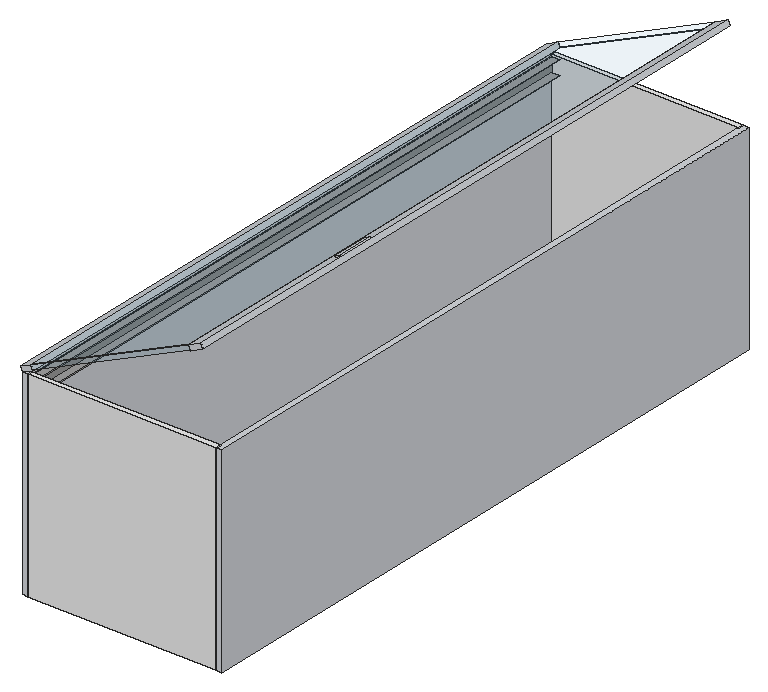
Revit family "Domotics-NetworkCabling-GEWISS-CABINETS_FLOOR-MOUNTED_19_42U_D600", category Apparecchi elettrici, host Superficie, Revit 2019
Family settings
  Host = Superficie
  Mantenere orientamento annotazione = Sì
  Quota connettore circolare = Usa diametro
  Tipo di parte = Normale
  Numero OmniClass = 23.80.30.00
  Titolo OmniClass = Distribution Devices
  Taglio con vuoti quando caricato = No
  Condiviso = No
  Punto di calcolo locali = Sì
Parameters (values of type "GW38453 - FLOOR RACK CABINET 19 42U 600x600MM")
  simbolo in pianta [instance] = yes
  n_poli = 1
  barra din = yes
  Visibilità sportello [instance] = yes
  Version file RFA = "21.2"
  URL = "https://www.gewiss.com/ww/en"
  Type of door = "Reversible"
  Technical sheet = "https://www.gewiss.com/ww/en/search?q=GW38453"
  Static load capacity = "1000KG"
  SEO = "Cabinet"
  Realized by GEWISS S.p.A. = ""
  Prospetto di default = 900 mm
  Produttore = "GEWISS S.p.A."
  Outer dim. LxHxD (mm) = "600x1985x600"
  Nome quadro [instance] = "n.quadro"
  No. uprights = "2"
  Modello = "GW38453"
  Material = "Steel"
  Immagine tipo = C.jpg
  IP degree = "IP20"
  IDT = "2c3537e4062d42a8957edef7e9daf840"
  IDF = "d495ead9-85e5-4beb-ac03-2a5ee0f4b977"
  Finishing = "Textured"
  Electrocod = "3752"
  Door opening = "135°"
  Distanza_x [instance] = 300 mm
  Distanza simbolo [instance] = 0 mm
  Distanza effettiva x [instance] = 1000 mm - Distanza_x  # 700 mm
  Descrizione = "FLOOR RACK CABINET 19 42U 600x600MM"
  Depth (mm) = "600 mm"
  Colour = "Grey (RAL 7035)"
  Category = "19” floor-standing cabinet"
  Catalogue = "DOMOTICS"
  Cabling unity = "42U"
  COBie.Tagnumber = ""
  COBie.CreatedOn = ""
  COBie.CreatebBy = ""
  COBie.ComponentRegisterItemID = ""
  COBie.Component.TagNumber = ""
  COBie.Component.Space = ""
  COBie.Component.SerialNumber = ""
  COBie.Component.InstallationDate = ""
  COBie.Component.Description = ""
  COBie.Component.BarCode = ""
  Apertura [instance] = 25.00°
Reference planes
  plane 1 "Centro (Fronte/Retro)": y = 0
  plane 2: z = 0
  plane 3 "Centro (Sinistra/Destra)": x = 0
  plane 4: x = -1380.34
  plane 5: x = -680.34
Forms (mm)
  Extrusion 1, solid, detail levels coarse
    sketch origin (0, 0, 0) x (1, 0, 0) y (0, 1, 0)
      loop
        line (583.5, 0) -> (583.5, 1985) -> (-16.5, 1985) -> (-16.5, 0) -> (583.5, 0)
    from 0 to 600
Dimensions and locks
  plane 4 to plane 3 "Centro (Sinistra/Destra)" = 1380.34 mm
  "Distanza effettiva x": plane 4 to plane 5
  aligned and locked: host face to plane 2
  aligned and locked: host face to level
  aligned and locked: plane 1 "Centro (Fronte/Retro)" to nested 1
  aligned and locked: nested 2 to plane 5
  aligned and locked: Extrusion 1 sketch curve to nested 1  (x4)
  aligned and locked: Extrusion 1 to nested 1
  aligned and locked: plane 3 "Centro (Sinistra/Destra)" to nested 1
Automatic sketch dimensions
  host sketch curve to host sketch curve = 3398.537 mm
  host sketch curve to host sketch curve = 3619.2 mm
Nested families
  nested 1: "DATACENTER ARMADIO PARETE 42U P600mm_base" at (-16.5, 0, 0), Apertura <- "Apertura", Sportello <- "Visibilità sportello", visible <- "Visibilità sportello", Barra din <- "barra din", Sportello visibile <- "Visibilità sportello", type "DATACENTER ARMADIO PARETE 42U P600mm_base", detail levels medium+fine
    with Sportello visibile yes, Sportello yes, Barra din yes, Apertura 25.00°
  nested 2: "DATACENTERsimbolo" at (-680.34, 911.19, 0), Distanza dal muro <- "Distanza simbolo", SIMBOLO ACCESO <- "simbolo in pianta", visible <- "simbolo in pianta", type "3P"
    with SIMBOLO ACCESO yes, Distanza dal muro 0 mm
Connectors
  electrical at (283.5, 992.5, 0), driven by "n_poli"
    settings: on nested 1, index 1, voltage 0 V, apparent load 0 VA, apparent load phase1 0 VA, apparent load phase2 0 VA, apparent load phase3 0 VA, power factor 1, load classification "Altro", number of poles 1, system type 31, power factor state 1, is connector primary yes, connector utility no, sub classification motor no, connector description ""
Definition of nested family "DATACENTER ARMADIO PARETE 42U P600mm_base"
  Parameters (values of type "DATACENTER ARMADIO PARETE 42U P600mm_base")
    Struttura = none
    Sportello_vetro = none
    Sportello visibile [instance] = yes
    Sportello lato = none
    Sportello [instance] = yes
    Profondità quadro = 600 mm  # constant formula
    L_quadro = 600 mm  # constant formula
    Barra din [instance] = yes
    Altezza quadro = 1985 mm  # constant formula
    Apertura [instance] = 45.00°
  Reference planes
    plane 1 "Centro (Fronte/Retro)": y = 0
    plane 2: z = 0
    plane 3 "Centro (Sinistra/Destra)": x = 0
    plane 4: x = 600
    plane 5: y = 1985
    plane 6: x = 16.5
    plane 7: y = 1968.5
    plane 8: y = 16.5
    plane 9: x = 583.5
    plane 10: z = 600
    plane 11: z = 16.5
    plane 12: x = 46.5
    plane 13: x = 18.5
    plane 14: z = 596
    plane 15: z = 551
    plane 16: z = 594
    plane 17: x = 20.5
    plane 18: z = 553
    plane 19: x = 44.5
    plane 20: z = 18.5
    plane 21: z = 63.5
    plane 22: z = 61.5
    plane 23: z = 20.5
  Forms (mm)
    Extrusion 1, solid, material <- "Struttura"
      sketch origin (0, 0, 0) x (1, 0, 0) y (0, 1, 0)
        loop
          line (16.5, 1968.5) -> (583.5, 1968.5) -> (583.5, 1985) -> (16.5, 1985) -> (16.5, 1968.5)
      from 0 to 600
    Extrusion 2, solid
      sketch origin (0, 0, 0) x (1, 0, 0) y (0, 1, 0)
        loop
          line (16.5, 1968.5) -> (16.5, 16.5) -> (583.5, 16.5) -> (583.5, 1968.5) -> (16.5, 1968.5)
      from 0 to 16.5
    Extrusion 3, solid
      sketch origin (382.272, 0, 982.272) x (-0.707107, 0, -0.707107) y (0, -1, 0)
        loop
          line (-59.386, 0) -> (-59.386, -1985) -> (-20.759, -1985) -> (-20.759, 0) -> (-59.386, 0)
        loop
          line (540.614, -1985) -> (540.614, 0) -> (506.604, 0) -> (506.604, -1985) -> (540.614, -1985)
      from 0 to 15
    Extrusion 4, solid, material <- "Sportello_vetro", visible <- "Sportello visibile"
      sketch origin (382.272, 0, 982.272) x (-0.707107, 0, -0.707107) y (0, -1, 0)
        loop
          line (506.604, 0) -> (-20.759, 0) -> (-20.759, -1985) -> (506.604, -1985) -> (506.604, 0)
      from 0 to 15
    Extrusion 5, solid
      sketch origin (0, 0, 0) x (1, 0, 0) y (0, 1, 0)
        loop
          line (0, 1985) -> (0, 0) -> (16.5, 0) -> (16.5, 1985) -> (0, 1985)
        loop
          line (600, 0) -> (600, 1985) -> (583.5, 1985) -> (583.5, 0) -> (600, 0)
      from 0 to 600
    Extrusion 6, solid, material <- "Struttura"
      sketch origin (0, 400, 0) x (1, 0, 0) y (0, 1, 0)
        loop
          line (16.5, -383.5) -> (16.5, -400) -> (583.5, -400) -> (583.5, -383.5) -> (16.5, -383.5)
      from 0 to 600
    Extrusion 7, solid
      sketch origin (382.272, 0, 982.272) x (-0.707107, 0, -0.707107) y (0, -1, 0)
        loop
          line (-33.539, -647.5) -> (-33.539, -537.5) -> (-52.092, -537.5) -> (-52.092, -647.5) -> (-33.539, -647.5)
      from 2.698 to 17.686
    Extrusion 8, solid, visible <- "Barra din"
      sketch origin (0, 0, 0) x (1, 0, 0) y (0, 0, 1)
        loop
          line (46.5, 596) -> (18.5, 596) -> (18.5, 551) -> (46.5, 551) -> (46.5, 553) -> (20.5, 553) -> (20.5, 594) -> (46.5, 594) -> (46.5, 596)
      from -1968.5 to -16.5
    Extrusion 9, solid, visible <- "Barra din"
      sketch origin (0, 0, 600) x (1, 0, 0) y (0, 0, 1)
        loop
          line (46.5, -581.5) -> (46.5, -579.5) -> (20.5, -579.5) -> (20.5, -538.5) -> (46.5, -538.5) -> (46.5, -536.5) -> (18.5, -536.5) -> (18.5, -581.5) -> (46.5, -581.5)
      from -1968.5 to -16.5
  Lines and regions (mm)
    reference lines
      curve 1: line (382.272, 0, 982.272) -> (0, 0, 600)
  Dimensions and locks
    "L_quadro": plane 3 "Centro (Sinistra/Destra)" to plane 4
    "Altezza quadro": plane 1 "Centro (Fronte/Retro)" to plane 5
    locked: plane 5 to plane 7 at 16.5
    locked: plane 9 to plane 4 at 16.5
    locked: plane 3 "Centro (Sinistra/Destra)" to plane 6 at 16.5
    locked: plane 1 "Centro (Fronte/Retro)" to plane 8 at 16.5
    "Profondità quadro": plane 10 to plane 2
    locked: plane 11 to level at 16.5
    locked: plane 6 to plane 12 at 30
    locked: Extrusion 3 sketch curve to Extrusion 3 sketch curve at 38.628
    locked: Extrusion 3 sketch curve to Extrusion 3 sketch curve at 34.009
    "L_quadro": Extrusion 3 sketch curve to Extrusion 3 sketch curve
    "Altezza quadro": Extrusion 3 sketch curve to Extrusion 3 sketch curve  (x2)
    "Altezza quadro": Extrusion 4 sketch curve to Extrusion 4 sketch curve
    Extrusion 7 sketch curve to Extrusion 7 sketch curve = 18.553 mm
    Extrusion 3 to Extrusion 3 = 1985 mm
    locked: plane 13 to plane 6 at 2
    locked: plane 10 to plane 14 at 4
    locked: plane 14 to plane 16 at 2
    locked: plane 18 to plane 15 at 2
    locked: plane 14 to plane 15 at 45
    locked: plane 23 to plane 20 at 2
    "Apertura": angle plane 10 to curve 1
    aligned and locked: level to plane 2
    aligned and locked: Extrusion 1 sketch curve to plane 7
    aligned and locked: Extrusion 1 sketch curve to plane 5
    aligned and locked: Extrusion 1 sketch curve to plane 6
    aligned and locked: plane 9 to Extrusion 1 sketch curve
    aligned and locked: plane 10 to Extrusion 1
    aligned and locked: Extrusion 2 sketch curve to plane 6
    aligned and locked: Extrusion 2 sketch curve to plane 7
    aligned and locked: Extrusion 2 sketch curve to plane 9
    aligned and locked: Extrusion 2 sketch curve to plane 8
    aligned and locked: plane 11 to Extrusion 2
    aligned and locked: curve 1 to Extrusion 1
    aligned and locked: plane 10 to curve 1
    aligned and locked: Extrusion 3 sketch curve to plane 5
    aligned and locked: Extrusion 3 sketch curve to plane 1 "Centro (Fronte/Retro)"
    aligned and locked: Extrusion 4 sketch curve to curve 1
    aligned and locked: Extrusion 4 sketch curve to Extrusion 3  (x2)
    aligned and locked: Extrusion 5 sketch curve to plane 3 "Centro (Sinistra/Destra)"
    aligned and locked: Extrusion 5 sketch curve to plane 6
    aligned and locked: Extrusion 5 sketch curve to plane 4
    aligned and locked: Extrusion 5 sketch curve to plane 9
    aligned and locked: Extrusion 5 sketch curve to plane 5
    aligned and locked: Extrusion 5 sketch curve to plane 1 "Centro (Fronte/Retro)"
    aligned and locked: plane 10 to Extrusion 5
    aligned and locked: plane 8 to Extrusion 6 sketch curve
    aligned and locked: plane 1 "Centro (Fronte/Retro)" to Extrusion 6 sketch curve
    aligned and locked: plane 9 to Extrusion 6 sketch curve
    aligned and locked: plane 6 to Extrusion 6 sketch curve
    aligned and locked: Extrusion 8 sketch curve to plane 14
    aligned and locked: Extrusion 8 sketch curve to plane 13
    aligned and locked: Extrusion 8 sketch curve to plane 15
    aligned and locked: Extrusion 8 sketch curve to plane 18
    aligned and locked: Extrusion 8 sketch curve to plane 17
    aligned and locked: Extrusion 8 sketch curve to plane 12
    aligned and locked: Extrusion 8 sketch curve to plane 16
    aligned and locked: Extrusion 8 to Extrusion 1
    aligned and locked: Extrusion 8 to Extrusion 6
    aligned and locked: plane 21 to Extrusion 9 sketch curve
    aligned and locked: plane 22 to Extrusion 9 sketch curve
    aligned and locked: plane 23 to Extrusion 9 sketch curve
    aligned and locked: plane 20 to Extrusion 9 sketch curve
    aligned and locked: plane 17 to Extrusion 9 sketch curve
    aligned and locked: plane 13 to Extrusion 9 sketch curve
    aligned and locked: Extrusion 2 to Extrusion 9
    aligned and locked: Extrusion 9 to Extrusion 1
    aligned and locked: Extrusion 6 to Extrusion 1
  Automatic sketch dimensions
    plane 1 "Centro (Fronte/Retro)" to Extrusion 5 sketch curve = 0 mm
    Extrusion 5 sketch curve to plane 5 = 0 mm
    Extrusion 7 sketch curve to curve 1 = 52.092 mm
    Extrusion 7 sketch curve to Extrusion 7 sketch curve = 18.553 mm
    Extrusion 7 sketch curve to curve 1 = 647.5 mm
    Extrusion 7 sketch curve to curve 1 = 537.5 mm
    Extrusion 8 sketch curve to plane 12 = 0 mm
    Extrusion 9 sketch curve to plane 12 = 0 mm  (x2)
    curve 1 to plane 3 "Centro (Sinistra/Destra)" = 0 mm
    Extrusion 3 sketch curve to curve 1 = 0 mm
Definition of nested family "DATACENTERsimbolo"
  Parameters (values of type "3P")
    SIMBOLO ACCESO [instance] = yes
    Distanza dal muro [instance] = 0 mm
  Reference planes
    plane 1: y = 0
    plane 2: x = 0
  Dimensions and locks
    "Distanza dal muro": plane 1 to nested 1
    aligned and locked: plane 2 to nested 1
  Nested families
    nested 1: "DATACENTERsimbolo.base" at (0, 0, 0), type "3P"
      with CORNICE SIMBOLO yes
  Definition of nested family "DATACENTERsimbolo.base"
    Parameters (values of type "3P")
      Testo = ""
      CORNICE SIMBOLO [instance] = yes
      3P = yes
    Reference planes
      plane 1: y = 0
      plane 2: x = 0
    Lines and regions (mm)
      detail lines
        curve 1: line (6.852, 3.426, 0) -> (8.859, 3.426, 0)
        curve 2: line (8.859, 3.426, 0) -> (8.859, 0, 0)
        curve 3: line (8.859, 0, 0) -> (6.852, 0, 0)
        curve 4: line (6.852, 0, 0) -> (0, 3.426, 0)
        curve 5: line (0, 3.426, 0) -> (3.027, 3.426, 0)
        curve 6: line (3.027, 3.426, 0) -> (6.852, 3.426, 0)
        curve 7: line (6.852, 3.426, 0) -> (6.852, 0, 0)
        curve 8: line (6.852, 0, 0) -> (0, 0, 0)
        curve 9: line (0, 0, 0) -> (0, 3.426, 0)
        curve 10: line (7.856, 1.713, 0) -> (7.856, 2.67, 0)
        curve 11: line (8.526, 0.756, 0) -> (8.526, 1.713, 0)
        curve 12: line (8.526, 1.713, 0) -> (7.185, 1.713, 0)
        curve 13: line (7.185, 1.713, 0) -> (7.185, 0.756, 0)
    Text (mm)
      label "RJ" at (7.87, 1.29, 0), shows "Testo"
    Nested families
      nested 1: "testo_simb" at (7.89, 1.134, 0), type "3P"
        with SIMBOLO ACCESO yes, Distanza dal muro 0 mm
      nested 2: "testo_simb" at (7.855, 0, 0), type "3P"
        with SIMBOLO ACCESO yes, Distanza dal muro 0 mm
      nested 3: "testo_simb" at (7.855, 0, 0), type "3P"
        with SIMBOLO ACCESO yes, Distanza dal muro 0 mm
      nested 4: "testo_simb" at (7.855, 0, 0), type "3P"
        with SIMBOLO ACCESO yes, Distanza dal muro 0 mm
      nested 5: "testo_simb" at (7.855, 0, 0), type "3P"
        with SIMBOLO ACCESO yes, Distanza dal muro 0 mm
    Definition of nested family "testo_simb"
      Parameters (values of type "3P")
        testo simb = ""
        SIMBOLO ACCESO [instance] = yes
        Distanza dal muro [instance] = 0 mm
      Reference planes
        plane 1: y = 0
        plane 2: x = 0
      Text (mm)
        label "RJ" at (0.02, 0.123, 0), shows "testo simb"
